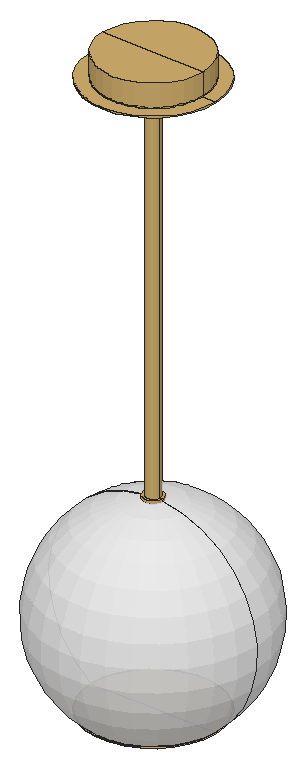
Revit family "3-690 Terra Pendant", category Lighting Fixtures, host Ceiling, Revit 2018
Family settings
  Host = Ceiling
  Round Connector Dimension = Use Diameter
  Part Type = Normal
  OmniClass Number = 23.80.70.11
  OmniClass Title = Luminaries for Internal Lighting
  Always vertical = Yes
  Cut with Voids When Loaded = No
  Light Source = Yes
  Shared = No
  Room Calculation Point = No
Parameters (values of type "3-690-40 / Aged Brass - Matte Opal Glass")
  Wattage Comments = "11.7 W at 120 V"  # constant formula
  Wattage = 11.7 W
  built-in parameter 1150110 = 1 (stored number, unit not read)
  Voltage Input = "120 V or 277 V - 50/60 Hz"  # constant formula
  Voltage = 120 V
  URL = "www.oxygenlighting.com"
  built-in parameter 1114217 = 1 (stored number, unit not read)
  Tilt Angle = 90.00°
  built-in parameter 1150109 = 1 (stored number, unit not read)
  built-in parameter 1150134 = (empty or 0)
  built-in parameter 1150113 = 1 (stored number, unit not read)
  References = "Ref. 3 = 120 V / Ref. 37 = 277 V"  # constant formula
  Photometric Web File = "3-690-24 Terra Pendant.ies"
  Model = "3-690-xx / Terra Pendant"  # constant formula
  Metal Finish = 40 - Aged Brass
  Manufacturer = "Oxygen - Lighting & Fans"  # constant formula
  Main Diffuser = Matte Opal Glass
  Lumens = 567.45 lm
  built-in parameter 1150115 = 1 (stored number, unit not read)
  built-in parameter 1150105 = 45.156 (stored number, unit not read)
  built-in parameter 1150137 = (empty or 0)
  built-in parameter 1150139 = (empty or 0)
  built-in parameter 1150112 = 1 (stored number, unit not read)
  built-in parameter 1150114 = 1 (stored number, unit not read)
  Lamp = "LED Array"  # constant formula
  built-in parameter 1150132 = (empty or 0)
  built-in parameter 1150102 = (empty or 0)
  built-in parameter 1150138 = (empty or 0)
  built-in parameter 1150107 = 3000 (stored number, unit not read)
  built-in parameter 1150106 = 0.45156 (stored number, unit not read)
  built-in parameter 1150104 = 4.5058 (stored number, unit not read)
  Dimming Lamp Color Temperature Shift = <None>
  Color Filter = 16777215
  built-in parameter 1114218 = 1 (stored number, unit not read)
  built-in parameter 1150133 = 10 (stored number, unit not read)
Types (4): name | Wattage | Metal Finish | Lumens | built-in parameter 1150105 | built-in parameter 1150106
  (no name) | 11.7 W | 40 - Aged Brass | 567.45 lm | 45.156 (stored number, unit not read) | 0.45156 (stored number, unit not read)
  3-690-24 / Satin Nickel - Matte Opal Glass | 11.7 W | 24 - Satin Nickel | 567.45 lm | 45.156 (stored number, unit not read) | 0.45156 (stored number, unit not read)
  3-690-40 / Aged Brass - Matte Opal Glass | 11.7 W | 40 - Aged Brass | 567.45 lm | 45.156 (stored number, unit not read) | 0.45156 (stored number, unit not read)
  3-690-15 / Black - Matte Opal Glass | 11.67 W | 15 - Black | 565.995 lm | 45.04 (stored number, unit not read) | 0.4504 (stored number, unit not read)
Reference planes (in)
  plane 1 "Light Source Axis (F/B)": y = 0
  plane 2 "Ceiling": z = 96
  plane 3 "Light Source Axis (L/R)": x = 0
  plane 4 "Light Source Elevation": z = 72.29534
Forms (in)
  Revolve 1, solid, material "40 - Aged Brass" <- "Metal Finish"
    sketch origin (0, 0, 0) x (1, 0, 0) y (0, 0, 1)
      loop
        line (2.3622, 94.97638) -> (2.3622, 96) -> (0, 96) -> (0, 77.20083) -> (0.45276, 77.20083) -> (0.45276, 77.31894) -> (0.31496, 77.31894) -> (0.31496, 93.93307) -> (0.31496, 94.01181) -> (0.20669, 94.01181) -> (0.20669, 94.07087)
        arc (0.20669, 94.07087) -> (0.25783, 94.11561) -> (0.29948, 94.16929) r 0.35433
        line (0.29948, 94.16929) -> (0.43307, 94.16929) -> (0.43307, 94.60236) -> (0.47244, 94.64173) -> (0.47244, 94.6811) -> (0.62992, 94.6811) -> (0.62992, 94.87795) -> (2.95276, 94.87795) -> (2.95276, 94.93701) -> (2.32283, 94.93701)
        arc (2.32283, 94.93701) -> (2.35067, 94.94854) -> (2.3622, 94.97638) r 0.03937
      axis (0, 96) -> (0, 77.20083)
    angle from 0 to 360
  Revolve 2, solid, material "Matte Opal Glass" <- "Main Diffuser"
    sketch origin (0, 0, 0) x (1, 0, 0) y (0, 0, 1)
      loop
        arc (2.92055, 68.33439) -> (4.73281, 73.64415) -> (0.3937, 77.20083) r 4.92126
        line (0.3937, 77.20083) -> (0, 77.20083) -> (0, 68.33439) -> (2.92055, 68.33439)
      axis (0, 68.33439) -> (0, 77.20083)
    angle from 0 to 360
  Revolve 3, solid, material "40 - Aged Brass" <- "Metal Finish"
    sketch origin (0, 0, 0) x (1, 0, 0) y (0, 0, 1)
      loop
        arc (0, 67.42141) -> (1.54055, 67.6461) -> (2.95276, 68.30144) r 5.3937
        line (2.95276, 68.30144) -> (2.9312, 68.33439) -> (0, 68.33439) -> (0, 67.42141)
      axis (0, 67.42141) -> (0, 68.33439)
    angle from 0 to 360
Dimensions and locks (in)
  equal spacing: host sketch curve, plane 3 "Light Source Axis (L/R)", host sketch curve
  equal spacing: host sketch curve, plane 1 "Light Source Axis (F/B)", host sketch curve
  host sketch curve to host sketch curve = 10' - 0"  (x2)
  locked: plane 2 "Ceiling" to Revolve 1 sketch curve at 1.12205
  locked: Revolve 1 sketch curve to Revolve 1 sketch curve at 2.3622
  locked: Revolve 1 sketch curve to Revolve 1 sketch curve at 0.86614
  locked: plane 2 "Ceiling" to plane 4 "Light Source Elevation" at 23.70466
  aligned and locked: plane 3 "Light Source Axis (L/R)" to imposter light
  aligned and locked: plane 1 "Light Source Axis (F/B)" to imposter light
  aligned and locked: plane 4 "Light Source Elevation" to imposter light
  aligned and locked: Revolve 1 sketch curve to plane 3 "Light Source Axis (L/R)"
  aligned and locked: Revolve 1 sketch curve to Revolve 1 sketch curve
  aligned and locked: Revolve 2 sketch curve to imposter light
  aligned and locked: imposter light to Revolve 3 sketch curve
Connectors (in)
  electrical at (0, 0, 96), driven by "Voltage"
    settings: on Revolve 1, index 1, voltage 120 V, apparent load 0 VA, apparent load phase1 0 VA, apparent load phase2 0 VA, apparent load phase3 0 VA, power factor 1, load classification "Other", number of poles 1, system type 31, power factor state 1, is connector primary yes, connector utility no, sub classification motor no, connector description ""
